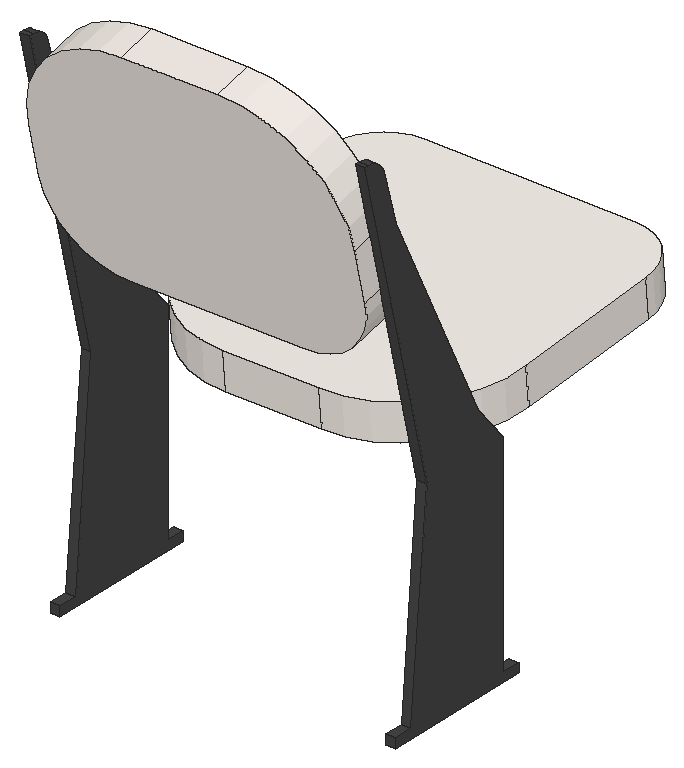
Revit family "Seating-Auditorium", category Furniture, Revit 2018
Family settings
  OmniClass Number = 23.40.50.11.11
  OmniClass Title = Auditorium Seating
  Work Plane-Based = No
  Always vertical = Yes
  Cut with Voids When Loaded = No
  Shared = Yes
  Room Calculation Point = No
Parameters (values of type "18" x 24" x 30"")
  Seat Material = Linen, Beige
  Frame Material = Steel, Paint Finish, Dark Gray, Matte
  Assembly Code = "E2020200"
Reference planes (in)
  plane 1 "Center (Front/Back)": y = 7.47541
  plane 2: z = 0
  plane 3 "Center (Left/Right)": x = 6.32787
  plane 4: x = 15.32787
  plane 5: x = -2.67213
  plane 6: y = -4.52459
  plane 7: y = 19.47541
  plane 8: z = 30
  plane 9: z = 17.5
  plane 10: y = -0.52459
  plane 11: y = -2.52459
  plane 12: z = 28
  plane 13: z = 11.5
  plane 14: z = 13.5
  plane 15: y = 1.47541
  plane 16: z = 24.5
  plane 17: z = 28
  plane 18: y = -2.53271
  plane 19 "Seat": z = 11.5
  plane 20: through (0, 4.03108, 0.97922) normal (0, 0.9717, 0.2361)
  plane 21: through (0, -0.94929, 10.85042) normal (0, 0.0872, -0.9962)
  plane 22: y = 17.47541
  plane 23: x = 12.82787
  plane 24: x = -0.17213
Forms (in)
  Extrusion 1, solid, material "Steel, Paint Finish, Dark Gray, Matte" <- "Frame Material"
    sketch origin (15.32787, 0, 0) x (0, -1, 0) y (0, 0, 1)
      loop
        line (0.52459, 0) -> (0.52459, 0.5) -> (-0.47541, 0.5) -> (-1.47541, 11.5) -> (2.52459, 28) -> (2.27889, 28)
        arc (2.27889, 28) -> (1.6767, 27.79835) -> (1.31737, 27.27472) r 1
        line (1.31737, 27.27472) -> (0.52459, 24.5) -> (-4.79721, 13.5) -> (-6.47541, 11.5) -> (-6.47541, 0.5) -> (-7.47541, 0.5) -> (-7.47541, 0) -> (0.52459, 0)
    from 0 to 0.5
  Extrusion 2, solid, material "Steel, Paint Finish, Dark Gray, Matte" <- "Frame Material"
    sketch origin (-2.67213, 0, 0) x (0, -1, 0) y (0, 0, 1)
      loop
        line (-7.47541, 0) -> (0.52459, 0) -> (0.52459, 0.5) -> (-0.47541, 0.5) -> (-1.47541, 11.5) -> (2.52459, 28) -> (2.27889, 28)
        arc (2.27889, 28) -> (1.6767, 27.79835) -> (1.31737, 27.27472) r 1
        line (1.31737, 27.27472) -> (0.52459, 24.5) -> (-4.79721, 13.5) -> (-6.47541, 11.5) -> (-6.47541, 0.5) -> (-7.47541, 0.5) -> (-7.47541, 0)
    from 0 to -0.5
  Extrusion 3, solid, material "Linen, Beige" <- "Seat Material"
    sketch origin (0, -0.94929, 10.85042) x (0, 0.996195, 0.087156) y (1, 0, 0)
      loop
        line (20.61532, 0.82787) -> (20.61532, 11.82787)
        arc (20.61532, 11.82787) -> (19.73664, 13.94919) -> (17.61532, 14.82787) r 3
        line (17.61532, 14.82787) -> (9.73294, 14.82787)
        arc (9.73294, 14.82787) -> (5.4903, 13.07051) -> (3.73294, 8.82787) r 6
        line (3.73294, 8.82787) -> (3.73294, 3.82787)
        arc (3.73294, 3.82787) -> (5.4903, -0.41477) -> (9.73294, -2.17213) r 6
        line (9.73294, -2.17213) -> (17.61532, -2.17213)
        arc (17.61532, -2.17213) -> (19.73664, -1.29345) -> (20.61532, 0.82787) r 3
    from 0 to -2
  Extrusion 4, solid, material "Linen, Beige" <- "Seat Material"
    sketch origin (0, 4.03108, 0.97922) x (0, -0.236052, 0.97174) y (1, 0, 0)
      loop
        line (29.86249, 3.82787) -> (29.86249, 8.82787)
        arc (29.86249, 8.82787) -> (28.10513, 13.07051) -> (23.86249, 14.82787) r 6
        line (23.86249, 14.82787) -> (21.04127, 14.82787)
        arc (21.04127, 14.82787) -> (18.21284, 13.6563) -> (17.04127, 10.82787) r 4
        line (17.04127, 10.82787) -> (17.04127, 1.82787)
        arc (17.04127, 1.82787) -> (18.21284, -1.00056) -> (21.04127, -2.17213) r 4
        line (21.04127, -2.17213) -> (23.86249, -2.17213)
        arc (23.86249, -2.17213) -> (28.10513, -0.41477) -> (29.86249, 3.82787) r 6
    from -1 to 1
Lines and regions (in)
  Masking region 1
    outline origin (0, 0, 11.5) x (1, 0, 0) y (0, 1, 0)
      loop
        line (-2.67213, -2.55308) -> (-2.17048, -2.55308)
        spline (-2.17048, -2.55308) -> (-2.12305, -2.73089) -> (-1.98152, -2.90589) -> (-1.74813, -3.07531) -> (-1.42656, -3.23647) -> (-1.0219, -3.38683) -> (-0.54055, -3.524) -> (0.00988, -3.64583) -> (0.62069, -3.75038) -> (1.28222, -3.83599) -> (1.98402, -3.90133) -> (2.71498, -3.94534) -> (3.46355, -3.96735)
        line (3.46355, -3.96735) -> (3.84947, -3.98188) -> (8.82737, -3.98188)
        spline (8.82737, -3.98188) -> (9.6104, -3.96969) -> (10.38003, -3.93333) -> (11.12309, -3.87342) -> (11.82688, -3.79099) -> (12.47934, -3.68744) -> (13.06931, -3.56455) -> (13.58671, -3.42442) -> (14.02267, -3.26945) -> (14.36973, -3.10229) -> (14.62197, -2.92579) -> (14.77506, -2.74299) -> (14.82638, -2.55701)
        line (14.82638, -2.55701) -> (15.32787, -2.55701) -> (15.32787, 7.47541) -> (14.74395, 7.47541)
        arc (14.74395, 7.47541) -> (14.80685, 7.97365) -> (14.82787, 8.47541) r 6
        line (14.82787, 8.47541) -> (14.82787, 16.47541)
        arc (14.82787, 16.47541) -> (13.94919, 18.59673) -> (11.82787, 19.47541) r 3
        line (11.82787, 19.47541) -> (0.82787, 19.47541)
        arc (0.82787, 19.47541) -> (-1.29345, 18.59673) -> (-2.17213, 16.47541) r 3
        line (-2.17213, 16.47541) -> (-2.17213, 8.47541)
        arc (-2.17213, 8.47541) -> (-2.15111, 7.97365) -> (-2.08821, 7.47541) r 6
        line (-2.08821, 7.47541) -> (-2.67213, 7.47541) -> (-2.67213, -2.55308)
  symbolic lines
    curve 1: line (3.82787, 2.47541, 11.5) -> (8.82787, 2.47541, 11.5)
    curve 2: arc (14.82787, 8.47541, 11.5) -> (13.07051, 4.23277, 11.5) -> (8.82787, 2.47541, 11.5) r 6
    curve 3: arc (3.82787, 2.47541, 11.5) -> (-0.41477, 4.23277, 11.5) -> (-2.17213, 8.47541, 11.5) r 6
    curve 4: line (14.82787, 8.47541, 11.5) -> (14.82787, -2.52459, 11.5)
    curve 5: line (-2.17213, -2.52459, 11.5) -> (-2.17213, 8.47541, 11.5)
    curve 6: spline (1.82787, 0.9802, 11.5) -> (1.30576, 0.97212, 11.5) -> (0.79259, 0.94803, 11.5) -> (0.29714, 0.90833, 11.5) -> (-0.17213, 0.8537, 11.5) -> (-0.60718, 0.78508, 11.5) -> (-1.00056, 0.70365, 11.5) -> (-1.34554, 0.61079, 11.5) -> (-1.63623, 0.5081, 11.5) -> (-1.86765, 0.39733, 11.5) -> (-2.03583, 0.28037, 11.5) -> (-2.13791, 0.15924, 11.5) -> (-2.17213, 0.03599, 11.5)
    curve 7: spline (14.82787, 0.03599, 11.5) -> (14.79365, 0.15924, 11.5) -> (14.69157, 0.28037, 11.5) -> (14.52339, 0.39733, 11.5) -> (14.29197, 0.5081, 11.5) -> (14.00128, 0.61079, 11.5) -> (13.6563, 0.70365, 11.5) -> (13.26291, 0.78508, 11.5) -> (12.82787, 0.8537, 11.5) -> (12.3586, 0.90833, 11.5) -> (11.86315, 0.94803, 11.5) -> (11.34997, 0.97212, 11.5) -> (10.82787, 0.9802, 11.5)
    curve 8: line (10.82787, 0.9802, 11.5) -> (1.82787, 0.9802, 11.5)
Dimensions and locks (in)
  equal spacing: plane 5, plane 3 "Center (Left/Right)", plane 4
  equal spacing: plane 6, plane 1 "Center (Front/Back)", plane 7
  locked: plane 5 to plane 4 at 18
  locked: plane 6 to plane 7 at 24
  aligned and locked: curve 5 to Extrusion 2
  aligned and locked: plane 7 to Masking region 1 sketch curve
Automatic sketch dimensions
  curve 2 to plane 1 "Center (Front/Back)" = 0' - 1"
  curve 5 to plane 18 = 0' - 0.00812"
  plane 3 "Center (Left/Right)" to curve 3 = 0' - 2 1/2"
  curve 1 to plane 3 "Center (Left/Right)" = 0' - 2 1/2"
  curve 4 to plane 18 = 0' - 0.00812"
  Masking region 1 sketch curve to plane 5 = 0' - 0"
  Masking region 1 sketch curve to plane 1 "Center (Front/Back)" = 0' - 0"  (x2)
  Masking region 1 sketch curve to plane 4 = 0' - 0"
  Masking region 1 sketch curve to plane 5 = 0' - 0 1/2"
  plane 18 to Masking region 1 sketch curve = 0' - 0.02036"
  Masking region 1 sketch curve to plane 5 = 0' - 0.50165"
  Masking region 1 sketch curve to Masking region 1 sketch curve = 0' - 0.58392"  (x2)
  Masking region 1 sketch curve to plane 5 = 0' - 3 1/2"
  plane 18 to Masking region 1 sketch curve = 0' - 0.0243"
  plane 3 "Center (Left/Right)" to Masking region 1 sketch curve = 0' - 3.4995"
  Masking region 1 sketch curve to Masking region 1 sketch curve = 0' - 0.63519"
  Masking region 1 sketch curve to plane 6 = 0' - 0.55724"
  Masking region 1 sketch curve to plane 1 "Center (Front/Back)" = 0' - 1"
  Masking region 1 sketch curve to Masking region 1 sketch curve = 0' - 1.00033"
  Masking region 1 sketch curve to plane 6 = 0' - 0.54271"
  Masking region 1 sketch curve to Masking region 1 sketch curve = 0' - 0.38592"
  Masking region 1 sketch curve to plane 3 "Center (Left/Right)" = 0' - 2.4995"
  Masking region 1 sketch curve to plane 3 "Center (Left/Right)" = 0' - 2 1/2"
  plane 4 to Masking region 1 sketch curve = 0' - 3 1/2"
  plane 4 to Masking region 1 sketch curve = 0' - 0 1/2"
  plane 10 to curve 1 = 0' - 3"
  curve 8 to curve 1 = 0' - 2"
  curve 2 to curve 7 = 0' - 2"
  plane 4 to curve 7 = 0' - 0 1/2"
  plane 10 to curve 6 = 0' - 0.56058"
  plane 10 to curve 7 = 0' - 0.56058"
  curve 6 to curve 6 = 0' - 0.94421"
